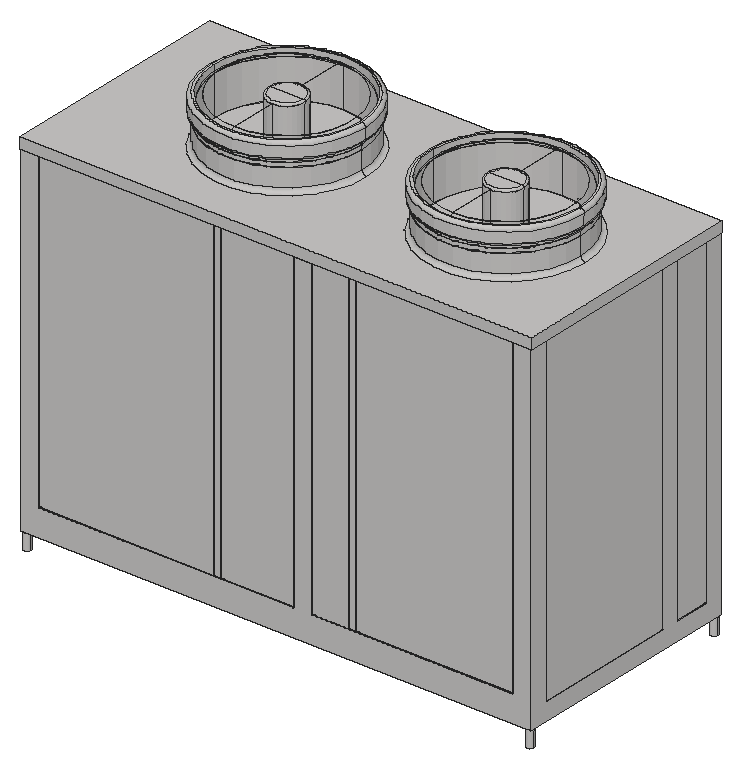
Revit family "QF_NuovAIR_CU-N780T3XL----", category Specialty Equipment, Revit 2019
Family settings
  Round Connector Dimension = Use Diameter
  Part Type = Normal
  Work Plane-Based = No
  Always vertical = Yes
  Cut with Voids When Loaded = No
  Shared = No
  Room Calculation Point = No
Parameters (values of type "CU-N780T3XL_400V 50A")
  Weight = 1216.00 kg
  Volts = 400 V
  Volt Free Conn = no
  URL Manufacturer = "https://www.nuovair.com/"
  URL Cutsheet = "N780T3XL-en-1.pdf"
  URL = ""
  Show Logo [instance] = yes
  Show Clearance [instance] = no
  Refrigeration Suction Line Size = 54 mm
  Refrigeration Liquid Line Size = 28 mm
  Refrigeration Energy Efficiency Index = ""
  Refrigeration Climate Class = ""
  Refrigerant Type = "R452a"
  Refrigerant Compressor Remote = yes
  Potential Equalisation = yes
  Phase = 3
  Number of Poles = 3
  Model = "CU-N780T3XL"
  Mat_Legs = QF_Stainless-Brushed
  Mat_Clearance = QF_Clearance
  Mat_Case = QF_Stainless-Brushed
  Masterspec = ""
  Manufacturer = "NUOVAIR"
  Main switch integrated = no
  Length Actual = 2800 mm  # constant formula
  Legs_R = 20 mm  # constant formula
  Keynote = "0"
  Item Number = "CU-N780T3XL"
  Identify Quantity as Lot = no
  Horse Power = "50"
  Height Actual = 2285 mm  # constant formula
  Foodservice Equipment Identifier = yes
  Energy Efficiency Labelling = ""
  FL Amps = 105 A
  Electric power = 55000000 W
  Elec Connection Height = 400 mm
  Ele_Note = ""
  Direct Waste Size = 0 mm
  Direct Waste Connection Height = 0 mm
  Description = "Condensing Unit"
  Description_FR = ""
  Description_ES = ""
  Description_EN = ""
  Description_DE = ""
  Depth Actual = 1300 mm  # constant formula
  Cycle = 50 Hz
  Conn Plug = "terminal block"
  CE Approved = yes
  Author = ""
  Accessory = no
Types (3, lengths in mm): name | Volts | FL Amps | Cycle
  CU-N780T3XL_400V 50A | 400 V | 105 A | 50 Hz
  CU-N780T3XL_440V 60A | 440 V | 115 A | 60 Hz
  CU-N780T3XL_230V 60A | 230 V | 219 A | 60 Hz
Reference planes
  plane 1 "Center (Front/Back)": y = 0
  plane 2: z = 0
  plane 3 "Center (Left/Right)": x = 0
  plane 4 "SX": x = -1400
  plane 5 "DX": x = 1400
  plane 6: y = -1300
  plane 7: y = -2100
  plane 8 "top": z = 2285
  plane 9: y = 800
  plane 10: x = 1900
  plane 11: x = -1900
  plane 12 "Base": z = 90
  plane 13: z = 1965
  plane 14: x = -1380
  plane 15: x = 1380
  plane 16: y = -20
  plane 17: y = -1280
  plane 18: z = 2025
  plane 19: z = 190
  plane 20: y = -100
  plane 21: y = -1200
  plane 22: x = -1300
  plane 23: x = 100
  plane 24: x = 200
  plane 25: x = 1300
  plane 26: z = 240
  plane 27: x = -300
  plane 28: x = 400
  plane 29: y = -300
  plane 30: y = -400
  plane 31: x = -340
  plane 32: x = 440
  plane 33 "Ventilator_Y": y = -650
  plane 34 "Ventilator_X_01": x = -460
  plane 35 "Ventilator_X_02": x = 740
Forms (mm)
  Extrusion 1, solid, material "QF_Clearance" <- "Mat_Clearance", visible <- "Show Clearance"
    sketch origin (0, 0, 0) x (1, 0, 0) y (0, 1, 0)
      loop
        line (-1400, 800) -> (-1400, -2100) -> (1400, -2100) -> (1400, 800) -> (-1400, 800)
    from 0 to 2285
  Extrusion 2, solid, material "QF_Clearance" <- "Mat_Clearance", visible <- "Show Clearance"
    sketch origin (0, 0, 0) x (1, 0, 0) y (0, 1, 0)
      loop
        line (-1400, 0) -> (-1400, -1300) -> (1400, -1300) -> (1400, 0) -> (-1400, 0)
    from 0 to 2285
  Extrusion 3, solid, material "QF_Stainless-Brushed" <- "Mat_Case", detail levels medium+fine
    sketch origin (0, 0, 90) x (-1, 0, 0) y (0, -1, 0)
      loop
        line (1400, 0) -> (1400, 1300) -> (-1400, 1300) -> (-1400, 0) -> (1400, 0)
    from 0 to 1875
  Extrusion 4, solid, material "QF_Clearance", visible <- "Show Clearance"
    sketch origin (0, 0, 0) x (1, 0, 0) y (0, 1, 0)
      loop
        line (-1900, -1300) -> (1900, -1300) -> (1900, 0) -> (-1900, 0) -> (-1900, -1300)
    from 0 to 2285
  Extrusion 5, solid, material "QF_Stainless-Brushed" <- "Mat_Legs", detail levels medium+fine
    sketch origin (0, 0, 0) x (1, 0, 0) y (0, 1, 0)
      loop
        circle (-1380, -20) r 20
      loop
        circle (1380, -20) r 20
      loop
        circle (-1380, -1280) r 20
      loop
        circle (1380, -1280) r 20
    from 0 to 90
  Extrusion 6, solid, material "QF_Stainless-Brushed" <- "Mat_Case", detail levels medium+fine
    sketch origin (-1430.553, -1524, 1965) x (-1, 0, 0) y (0, -1, 0)
      loop
        line (-28.553, -1526) -> (-28.553, -222) -> (-2832.553, -222) -> (-2832.553, -1526) -> (-28.553, -1526)
    from 0 to 60
  Sweep 7, void
    path origin (-909.885, -1300, 4000) x (-1, 0, 0) y (0, 0, 1)
      loop
        line (390.115, -2035) -> (390.115, -3760) -> (-1009.885, -3760) -> (-1009.885, -2035)
    profile "PRF_scalpel : PRF_scalpel" origin (-1300, -1300, 1102.5) x (-1, 0, 0) y (0, 1, 0)
      loop
        line (0, 1) -> (-2, -1) -> (-2, -51) -> (2, -51) -> (2, -1) -> (0, 1)
  Sweep 8, void
    path origin (950.115, -1300, 4000) x (-1, 0, 0) y (0, 0, 1)
      loop
        line (-349.885, -2035) -> (-349.885, -3760) -> (750.115, -3760) -> (750.115, -2035)
    profile "PRF_scalpel : PRF_scalpel" origin (1300, -1300, 1102.5) x (-1, 0, 0) y (0, 1, 0)
      loop
        line (0, 1) -> (-2, -1) -> (-2, -51) -> (2, -51) -> (2, -1) -> (0, 1)
  Sweep 9, void
    path origin (0, 0, 0) x (1, 0, 0) y (0, 0, 1)
      loop
        line (1300, 1965) -> (1300, 240) -> (200, 240) -> (200, 1965)
    profile "PRF_scalpel : PRF_scalpel" origin (1300, 0, 1102.5) x (1, 0, 0) y (0, -1, 0)
      loop
        line (0, 1) -> (-2, -1) -> (-2, -51) -> (2, -51) -> (2, -1) -> (0, 1)
  Sweep 10, void
    path origin (-1860, 0, 0) x (1, 0, 0) y (0, 0, 1)
      loop
        line (560, 1965) -> (560, 240) -> (1960, 240) -> (1960, 1965)
    profile "PRF_scalpel : PRF_scalpel" origin (-1300, 0, 1102.5) x (1, 0, 0) y (0, -1, 0)
      loop
        line (0, 1) -> (-2, -1) -> (-2, -51) -> (2, -51) -> (2, -1) -> (0, 1)
  Sweep 11, void
    path origin (-1400, 180.447, 4000) x (0, 1, 0) y (0, 0, 1)
      loop
        line (-280.447, -2035) -> (-280.447, -3810) -> (-480.447, -3810) -> (-480.447, -2035)
    profile "PRF_scalpel : PRF_scalpel" origin (-1400, -100, 1077.5) x (0, 1, 0) y (1, 0, 0)
      loop
        line (0, 1) -> (-2, -1) -> (-2, -51) -> (2, -51) -> (2, -1) -> (0, 1)
  Sweep 12, void
    path origin (-1400, -279.553, 4000) x (0, 1, 0) y (0, 0, 1)
      loop
        line (-920.447, -2035) -> (-920.447, -3810) -> (-120.447, -3810) -> (-120.447, -2035)
    profile "PRF_scalpel : PRF_scalpel" origin (-1400, -1200, 1077.5) x (0, 1, 0) y (1, 0, 0)
      loop
        line (0, 1) -> (-2, -1) -> (-2, -51) -> (2, -51) -> (2, -1) -> (0, 1)
  Sweep 13, void
    path origin (1400, 180.447, 4000) x (0, 1, 0) y (0, 0, 1)
      loop
        line (-1380.447, -2035) -> (-1380.447, -3810) -> (-580.447, -3810) -> (-580.447, -2035)
    profile "PRF_scalpel : PRF_scalpel" origin (1400, -1200, 1077.5) x (0, 1, 0) y (1, 0, 0)
      loop
        line (0, -1) -> (2, 1) -> (2, 51) -> (-2, 51) -> (-2, 1) -> (0, -1)
  Sweep 14, void
    path origin (1400, 640.447, 4000) x (0, 1, 0) y (0, 0, 1)
      loop
        line (-740.447, -2035) -> (-740.447, -3810) -> (-940.447, -3810) -> (-940.447, -2035)
    profile "PRF_scalpel : PRF_scalpel" origin (1400, -300, 1077.5) x (0, 1, 0) y (1, 0, 0)
      loop
        line (0, -1) -> (2, 1) -> (2, 51) -> (-2, 51) -> (-2, 1) -> (0, -1)
  Sweep 15, void
    path origin (-909.885, -1300, 4000) x (-1, 0, 0) y (0, 0, 1)
      loop
        line (-569.885, -2035) -> (-569.885, -3760)
    profile "PRF_scalpel : PRF_scalpel" origin (-340, -1300, 1102.5) x (-1, 0, 0) y (0, 1, 0)
      loop
        line (0, 1) -> (-2, -1) -> (-2, -51) -> (2, -51) -> (2, -1) -> (0, 1)
  Sweep 16, void
    path origin (-794.885, -1300, 4000) x (-1, 0, 0) y (0, 0, 1)
      loop
        line (-494.885, -2035) -> (-494.885, -3760)
    profile "PRF_scalpel : PRF_scalpel" origin (-300, -1300, 1102.5) x (-1, 0, 0) y (0, 1, 0)
      loop
        line (0, 1) -> (-2, -1) -> (-2, -51) -> (2, -51) -> (2, -1) -> (0, 1)
  Sweep 17, void
    path origin (-674.885, -1300, 4000) x (-1, 0, 0) y (0, 0, 1)
      loop
        line (-1114.885, -2035) -> (-1114.885, -3760)
    profile "PRF_scalpel : PRF_scalpel" origin (440, -1300, 1102.5) x (-1, 0, 0) y (0, 1, 0)
      loop
        line (0, 1) -> (-2, -1) -> (-2, -51) -> (2, -51) -> (2, -1) -> (0, 1)
  Sweep 18, void
    path origin (-769.885, -1300, 4000) x (-1, 0, 0) y (0, 0, 1)
      loop
        line (-1169.885, -2035) -> (-1169.885, -3760)
    profile "PRF_scalpel : PRF_scalpel" origin (400, -1300, 1102.5) x (-1, 0, 0) y (0, 1, 0)
      loop
        line (0, 1) -> (-2, -1) -> (-2, -51) -> (2, -51) -> (2, -1) -> (0, 1)
  Sweep 19, void
    path origin (0, 0, 0) x (1, 0, 0) y (0, 0, 1)
      loop
        line (440, 1965) -> (440, 240)
    profile "PRF_scalpel : PRF_scalpel" origin (440, 0, 1102.5) x (1, 0, 0) y (0, -1, 0)
      loop
        line (0, 1) -> (-2, -1) -> (-2, -51) -> (2, -51) -> (2, -1) -> (0, 1)
  Sweep 20, void
    path origin (500, 0, 0) x (1, 0, 0) y (0, 0, 1)
      loop
        line (-100, 1965) -> (-100, 240)
    profile "PRF_scalpel : PRF_scalpel" origin (400, 0, 1102.5) x (1, 0, 0) y (0, -1, 0)
      loop
        line (0, 1) -> (-2, -1) -> (-2, -51) -> (2, -51) -> (2, -1) -> (0, 1)
  Sweep 21, void
    path origin (600, 0, 0) x (1, 0, 0) y (0, 0, 1)
      loop
        line (-900, 1965) -> (-900, 240)
    profile "PRF_scalpel : PRF_scalpel" origin (-300, 0, 1102.5) x (1, 0, 0) y (0, -1, 0)
      loop
        line (0, 1) -> (-2, -1) -> (-2, -51) -> (2, -51) -> (2, -1) -> (0, 1)
  Sweep 22, void
    path origin (660, 0, 0) x (1, 0, 0) y (0, 0, 1)
      loop
        line (-1000, 1965) -> (-1000, 240)
    profile "PRF_scalpel : PRF_scalpel" origin (-340, 0, 1102.5) x (1, 0, 0) y (0, -1, 0)
      loop
        line (0, 1) -> (-2, -1) -> (-2, -51) -> (2, -51) -> (2, -1) -> (0, 1)
Cuts and joins
  joined: Extrusion 1, Extrusion 2
  Sweep 7, Sweep 8, Sweep 9, Sweep 10, Sweep 11, Sweep 12, Sweep 13, Sweep 14, Sweep 15, Sweep 16, Sweep 17, Sweep 18, Sweep 19, Sweep 20, Sweep 21, Sweep 22 cuts Extrusion 3
Lines and regions (mm)
  model lines, style "InvisibleLines"
    curve 1: line (-50, 0, 0) -> (50, 0, 0)
    curve 2: line (0, 50, 0) -> (0, -50, 0)
  model lines, style "QF_Case", detail levels coarse
    curve 3: line (-1400, 0, 0) -> (1400, 0, 0)
    curve 4: line (-1400, -1300, 0) -> (-1400, 0, 0)
    curve 5: line (1400, -1300, 0) -> (-1400, -1300, 0)
    curve 6: line (1400, 0, 0) -> (1400, -1300, 0)
    curve 7: line (1400, -1300, 2285) -> (1400, -1300, 0)
    curve 8: line (1400, 0, 2285) -> (1400, 0, 0)
    curve 9: line (-1400, -1300, 2285) -> (-1400, -1300, 0)
    curve 10: line (-1400, 0, 2285) -> (-1400, 0, 0)
    curve 11: line (-1400, 0, 2285) -> (1400, 0, 2285)
    curve 12: line (-1400, -1300, 2285) -> (-1400, 0, 2285)
    curve 13: line (1400, -1300, 2285) -> (-1400, -1300, 2285)
    curve 14: line (1400, 0, 2285) -> (1400, -1300, 2285)
Dimensions and locks
  curve 1 to plane 3 "Center (Left/Right)" to curve 1 = 50 mm locked, 50 mm locked
  curve 2 to plane 1 "Center (Front/Back)" to curve 2 = 50 mm locked, 50 mm locked
  "Height Actual": plane 8 "top" to level
  "Depth Actual": plane 6 to plane 1 "Center (Front/Back)"
  equal spacing: plane 4 "SX", plane 3 "Center (Left/Right)", plane 5 "DX"
  "Length Actual": plane 4 "SX" to plane 5 "DX"
  plane 6 to plane 1 "Center (Front/Back)" = 1300 mm
  locked: plane 1 "Center (Front/Back)" to plane 9 at 800
  locked: plane 6 to plane 7 at 800
  locked: plane 5 "DX" to plane 10 at 500
  locked: plane 11 to plane 4 "SX" at 500
  locked: plane 12 "Base" to Extrusion 4 at 90
  locked: plane 4 "SX" to plane 14 at 20
  locked: plane 15 to plane 5 "DX" at 20
  locked: plane 16 to plane 1 "Center (Front/Back)" at 20
  locked: Extrusion 6 sketch curve to plane 4 "SX" at 2
  locked: plane 5 "DX" to Extrusion 6 sketch curve at 2
  locked: plane 1 "Center (Front/Back)" to Extrusion 6 sketch curve at 2
  locked: plane 17 to plane 6 at 20
  locked: plane 6 to Extrusion 6 sketch curve at 2
  locked: plane 19 to plane 12 "Base" at 100
  locked: plane 20 to plane 1 "Center (Front/Back)" at 100
  locked: plane 21 to plane 6 at 100
  locked: plane 4 "SX" to plane 22 at 100
  locked: plane 25 to plane 5 "DX" at 100
  locked: plane 26 to plane 19 at 50
  locked: plane 20 to plane 29 at 200
  locked: plane 29 to plane 30 at 100
  locked: plane 13 to plane 12 "Base" at 1875
  locked: plane 18 to plane 13 at 60
  locked: plane 24 to plane 5 "DX" at 1200
  locked: plane 4 "SX" to plane 23 at 1500
  locked: plane 27 to plane 23 at 400
  locked: plane 31 to plane 27 at 40
  locked: plane 24 to plane 28 at 200
  locked: plane 28 to plane 32 at 40
  equal spacing: plane 6, plane 33 "Ventilator_Y", plane 1 "Center (Front/Back)", locked at 650 each
  locked: plane 4 "SX" to plane 34 "Ventilator_X_01" at 940
  locked: plane 35 "Ventilator_X_02" to plane 5 "DX" at 660
  "Legs_R": radius of Extrusion 5 sketch curve  (x4)
  aligned and locked: level to plane 2
  aligned and locked: Extrusion 1 sketch curve to plane 4 "SX"
  aligned and locked: plane 7 to Extrusion 1 sketch curve
  aligned and locked: Extrusion 1 sketch curve to plane 5 "DX"
  aligned and locked: plane 8 "top" to Extrusion 1
  aligned and locked: curve 3 to plane 1 "Center (Front/Back)"
  aligned and locked: curve 5 to plane 6
  aligned and locked: curve 6 to plane 5 "DX"
  aligned and locked: plane 4 "SX" to curve 4
  aligned and locked: plane 8 "top" to curve 8
  aligned and locked: plane 8 "top" to curve 7
  aligned and locked: plane 8 "top" to curve 10
  aligned and locked: plane 8 "top" to curve 9
  aligned and locked: level to curve 8
  aligned and locked: level to curve 7
  aligned and locked: level to curve 10
  aligned and locked: level to curve 9
  aligned and locked: curve 8 to plane 1 "Center (Front/Back)"
  aligned and locked: curve 10 to plane 1 "Center (Front/Back)"
  aligned and locked: plane 6 to curve 7
  aligned and locked: plane 6 to curve 9
  aligned and locked: Extrusion 2 sketch curve to plane 1 "Center (Front/Back)"
  aligned and locked: Extrusion 2 sketch curve to plane 6
  aligned and locked: plane 8 "top" to Extrusion 2
  aligned and locked: curve 11 to plane 1 "Center (Front/Back)"
  aligned and locked: curve 13 to plane 6
  aligned and locked: Extrusion 3 sketch curve to plane 1 "Center (Front/Back)"
  aligned and locked: Extrusion 3 sketch curve to plane 5 "DX"
  aligned and locked: plane 4 "SX" to Extrusion 3 sketch curve
  aligned and locked: Extrusion 1 sketch curve to plane 9
  aligned and locked: Extrusion 4 sketch curve to plane 11
  aligned and locked: plane 10 to Extrusion 4 sketch curve
  aligned and locked: Extrusion 4 sketch curve to plane 6
  aligned and locked: Extrusion 4 sketch curve to plane 1 "Center (Front/Back)"
  aligned and locked: Extrusion 4 to plane 8 "top"
  aligned and locked: Extrusion 4 to level
  aligned and locked: Extrusion 3 to plane 12 "Base"
  aligned and locked: plane 13 to Extrusion 3
  aligned and locked: plane 14 to Extrusion 5 sketch curve  (x2)
  aligned and locked: plane 15 to Extrusion 5 sketch curve  (x2)
  aligned and locked: plane 17 to Extrusion 5 sketch curve  (x2)
  aligned and locked: plane 16 to Extrusion 5 sketch curve  (x2)
  aligned and locked: Extrusion 5 to level
  aligned and locked: Extrusion 6 to plane 13
  aligned and locked: Extrusion 3 sketch curve to plane 6
  aligned and locked: plane 18 to Extrusion 6
  aligned and locked: plane 13 to Sweep 7 sketch curve  (x2)
  aligned and locked: Sweep 7 sketch curve to plane 22
  aligned and locked: plane 13 to Sweep 8 sketch curve  (x2)
  aligned and locked: Sweep 8 sketch curve to plane 25
  aligned and locked: plane 13 to Sweep 9 sketch curve  (x2)
  aligned and locked: plane 25 to Sweep 9 sketch curve
  aligned and locked: plane 13 to Sweep 10 sketch curve  (x2)
  aligned and locked: plane 22 to Sweep 10 sketch curve
  aligned and locked: plane 13 to Sweep 11 sketch curve  (x2)
  aligned and locked: plane 19 to Sweep 11 sketch curve  (x2)
  aligned and locked: plane 20 to Sweep 11 sketch curve
  aligned and locked: plane 13 to Sweep 12 sketch curve  (x2)
  aligned and locked: plane 19 to Sweep 12 sketch curve
  aligned and locked: plane 21 to Sweep 12 sketch curve
  aligned and locked: plane 13 to Sweep 13 sketch curve  (x2)
  aligned and locked: plane 19 to Sweep 13 sketch curve
  aligned and locked: Sweep 13 sketch curve to plane 21
  aligned and locked: plane 13 to Sweep 14 sketch curve  (x2)
  aligned and locked: plane 19 to Sweep 14 sketch curve
  aligned and locked: Sweep 14 sketch curve to plane 20
  aligned and locked: plane 12 "Base" to Extrusion 5
  aligned and locked: plane 26 to Sweep 7 sketch curve
  aligned and locked: plane 23 to Sweep 7 sketch curve
  aligned and locked: Sweep 8 sketch curve to plane 24
  aligned and locked: Sweep 8 sketch curve to plane 26
  aligned and locked: plane 24 to Sweep 9 sketch curve
  aligned and locked: plane 26 to Sweep 9 sketch curve
  aligned and locked: plane 23 to Sweep 10 sketch curve
  aligned and locked: Sweep 10 sketch curve to plane 26
  aligned and locked: plane 30 to Sweep 13 sketch curve
  aligned and locked: Sweep 13 sketch curve to plane 19
  aligned and locked: Sweep 14 sketch curve to plane 29
  aligned and locked: Sweep 14 sketch curve to plane 19
  aligned and locked: plane 29 to Sweep 11 sketch curve
  aligned and locked: plane 30 to Sweep 12 sketch curve
  aligned and locked: Sweep 12 sketch curve to plane 19
  aligned and locked: plane 1 "Center (Front/Back)" to nested 1
  aligned and locked: plane 1 "Center (Front/Back)" to nested 2
  aligned and locked: nested 3 to plane 1 "Center (Front/Back)"
  aligned and locked: nested 3 to plane 4 "SX"
  aligned and locked: plane 5 "DX" to nested 2
  aligned and locked: plane 5 "DX" to nested 1
  aligned and locked: plane 33 "Ventilator_Y" to nested 5
  aligned and locked: nested 5 to plane 35 "Ventilator_X_02"
  aligned and locked: plane 33 "Ventilator_Y" to nested 4
  aligned and locked: nested 4 to plane 34 "Ventilator_X_01"
  aligned and locked: plane 13 to Sweep 15 sketch curve
  aligned and locked: plane 26 to Sweep 15 sketch curve
  aligned and locked: Sweep 15 sketch curve to plane 31
  aligned and locked: plane 13 to Sweep 16 sketch curve
  aligned and locked: plane 26 to Sweep 16 sketch curve
  aligned and locked: Sweep 16 sketch curve to plane 27
  aligned and locked: plane 13 to Sweep 17 sketch curve
  aligned and locked: plane 26 to Sweep 17 sketch curve
  aligned and locked: Sweep 17 sketch curve to plane 32
  aligned and locked: plane 13 to Sweep 18 sketch curve
  aligned and locked: plane 26 to Sweep 18 sketch curve
  aligned and locked: Sweep 18 sketch curve to plane 28
  aligned and locked: plane 13 to Sweep 19 sketch curve
  aligned and locked: plane 26 to Sweep 19 sketch curve
  aligned and locked: plane 32 to Sweep 19 sketch curve
  aligned and locked: plane 13 to Sweep 20 sketch curve
  aligned and locked: plane 26 to Sweep 20 sketch curve
  aligned and locked: plane 28 to Sweep 20 sketch curve
  aligned and locked: plane 13 to Sweep 21 sketch curve
  aligned and locked: plane 26 to Sweep 21 sketch curve
  aligned and locked: plane 27 to Sweep 21 sketch curve
  aligned and locked: plane 13 to Sweep 22 sketch curve
  aligned and locked: plane 26 to Sweep 22 sketch curve
  aligned and locked: plane 31 to Sweep 22 sketch curve
Automatic sketch dimensions
  curve 2 to plane 3 "Center (Left/Right)" = 0 mm
  plane 1 "Center (Front/Back)" to curve 1 = 0 mm
  curve 11 to plane 5 "DX" = 0 mm
  curve 13 to plane 4 "SX" = 0 mm
  Extrusion 2 sketch curve to plane 4 "SX" = 0 mm
  Extrusion 2 sketch curve to plane 5 "DX" = 0 mm
Nested families
  nested 1: "Connection_DxSx" at (1400, 0, 1160), type "KTM", not visible
    with Width_DX 0 mm, Width Offset 0 mm, Depth Offset 350 mm, DX no
  nested 2: "Connection_DxSx" at (1400, 0, 320), type "KTM", not visible
    with Width_DX 0 mm, Width Offset 0 mm, Depth Offset 350 mm, DX no
  nested 3: "Connection_DxSx" at (-1400, 0, 400) x (0, -1, 0) z (0, 0, 1), built-in parameter 1001364 <- "Elec Connection Height", type "KTM", not visible
    with Width_DX 120 mm, Width Offset 60 mm, Depth Offset 0 mm, DX yes
  nested 4: "Ventilator_C" at (-460, -650, 2025) x (-1, 0, 0) z (0, 0, 1), Mat_A <- "Mat_Case", Mat_B <- "Mat_Case", type "Ventilator_C", detail levels medium+fine
    with Mat_C QF_Cross20x20, Mat_B QF_Stainless-Brushed, Mat_A QF_Stainless-Brushed
  nested 5: "Ventilator_C" at (740, -650, 2025) x (-1, 0, 0) z (0, 0, 1), Mat_A <- "Mat_Case", Mat_B <- "Mat_Case", type "Ventilator_C", detail levels medium+fine
    with Mat_C QF_Cross20x20, Mat_B QF_Stainless-Brushed, Mat_A QF_Stainless-Brushed
Connectors
  piping at (1400.5, -350, 1160), diameter 54, driven by "Refrigeration Suction Line Size"
    settings: on nested 1, index 3, connector inside diameter 609.6 mm, connector length 0 mm, flow factor 0, pipe flow 0.0 L/s, pressure drop 0.0 Pa, fitting loss kfactor 0, connector angle 0.00°, fixture units 0, engagement length 0 mm, angle of deflection 0.00°, flow configuration 0, flow direction 1, fitting loss method 0, system type 22, joint type 0, gender type 0, connector reference index -1, connector utility 0, adjustable connector no, is connector primary yes, connector description "Suction Line"
  piping at (1400.5, -350, 320), diameter 28, driven by "Refrigeration Liquid Line Size"
    settings: on nested 2, index 4, connector inside diameter 609.6 mm, connector length 0 mm, flow factor 0, pipe flow 0.0 L/s, pressure drop 0.0 Pa, fitting loss kfactor 0, connector angle 0.00°, fixture units 0, engagement length 0 mm, angle of deflection 0.00°, flow configuration 0, flow direction 2, fitting loss method 0, system type 22, joint type 0, gender type 0, connector reference index -1, connector utility 0, adjustable connector no, is connector primary no, connector description "Liquid Line"
  electrical at (-1400.5, -60, 400), driven by "Number of Poles", driven by "Volts", driven by "Electric power", driven by "Ele_Note"
    settings: on nested 3, index 6, voltage 400 V, apparent load 55000000 VA, apparent load phase1 0 VA, apparent load phase2 0 VA, apparent load phase3 0 VA, power factor 1, load classification "Power", number of poles 3, system type 30, power factor state 1, is connector primary yes, connector utility no, sub classification motor no, connector description ""
Definition of nested family "Connection_DxSx"
  Parameters (values of type "KTM")
    Width_DX [instance] = if(DX, Width Offset * 2, 0 mm)  # 120 mm
    Width Offset [instance] = 60 mm
    Manufacturer = "Gjiom by www.RevitLandia.com"  # constant formula
    Depth Offset [instance] = 50 mm
    Default Elevation = 0 mm
    DX [instance] = yes
  Reference planes
    plane 1 "Center (Front/Back)": y = 0
    plane 2: z = 0
    plane 3 "Center (Left/Right)": x = 0
    plane 4 "Depth Offset": y = -50
    plane 5: x = 60
    plane 6: x = -60
  Forms (mm)
    Extrusion 1, solid
      sketch origin (0, 0, 0) x (1, 0, 0) y (0, 1, 0)
        loop
          circle (60, -50) r 15
      from -0.5 to 0.5
    Extrusion 2, solid
      sketch origin (0, -50, 0) x (-1, 0, 0) y (0, 0, 1)
        loop
          circle (-60, 0) r 15
      from -0.5 to 0.5
    Extrusion 3, solid
      sketch origin (60, 93.537, 4000) x (0, 1, 0) y (0, 0, 1)
        loop
          circle (-143.537, -4000) r 15
      from -0.5 to 0.5
  Lines and regions (mm)
    model lines
      curve 1: line (0, 0, 0) -> (0, -20, 0)
  Dimensions and locks
    "Depth Offset": plane 1 "Center (Front/Back)" to plane 4 "Depth Offset"
    "Width Offset": plane 6 to plane 3 "Center (Left/Right)"
    "Width_DX": plane 6 to plane 5
    aligned and locked: level to plane 2
    aligned and locked: plane 4 "Depth Offset" to Extrusion 1 sketch curve
    aligned and locked: level to Extrusion 2 sketch curve
    aligned and locked: level to Extrusion 3 sketch curve
    aligned and locked: plane 4 "Depth Offset" to Extrusion 3 sketch curve
    aligned and locked: plane 5 to Extrusion 1 sketch curve
    aligned and locked: plane 5 to Extrusion 2 sketch curve
  Automatic sketch dimensions
    curve 1 to plane 3 "Center (Left/Right)" = 0 mm
    plane 1 "Center (Front/Back)" to curve 1 = 0 mm
    plane 1 "Center (Front/Back)" to curve 1 = 20 mm
    radius of Extrusion 1 sketch curve = 15 mm
    radius of Extrusion 2 sketch curve = 15 mm
    radius of Extrusion 3 sketch curve = 15 mm
Definition of nested family "Ventilator_C"
  Parameters (values of type "Ventilator_C")
    Mat_C [instance] = none
    Mat_A [instance] = none
    Default Elevation = 1219.2 mm
    Mat_B [instance] = none
  Reference planes
    plane 1 "Centro (Fronte/Retro)": y = 0
    plane 2: z = 0
    plane 3 "Centro (Sinistra/Destra)": x = 0
    plane 4: z = 205
    plane 5: z = 250
    plane 6: z = 260
    plane 7: z = 25
    plane 8: z = 125
    plane 9: z = 124
    plane 10: z = 126
    plane 11: z = 150
    plane 12: z = 149
    plane 13: z = 151
    plane 14: z = 175
  Forms (mm)
    Revolve 1, solid, material <- "Mat_B"
      sketch origin (0, 0, 0) x (1, 0, 0) y (0, 0, 1)
        loop
          arc (-90, 260) -> (-97.071, 257.071) -> (-100, 250) r 10
          line (-100, 250) -> (-100, 0) -> (0, 0) -> (0, 260) -> (-90, 260)
        axis (0, 260) -> (0, 0)
      angle from 0 to 360
    Revolve 2, solid, material <- "Mat_C"
      sketch origin (0, 0, 0) x (0, 1, 0) y (0, 0, 1)
        loop
          arc (-360, 250) -> (-381.213, 241.213) -> (-390, 220) r 30
          line (-390, 220) -> (-390, 0) -> (-100, 0) -> (-100, 250) -> (-360, 250)
        axis (0, 0) -> (0, 250)
      angle from 0 to 360
    Revolve 3, solid, material <- "Mat_A"
      sketch origin (0, 0, 0) x (1, 0, 0) y (0, 0, 1)
        loop
          arc (-410, 260) -> (-424.142, 254.142) -> (-430, 240) r 20
          line (-430, 240) -> (-430, 180)
          arc (-430, 180) -> (-428.536, 176.464) -> (-425, 175) r 5
          line (-425, 175) -> (-410, 175) -> (-410, 151) -> (-409, 150) -> (-410, 149) -> (-410, 126) -> (-409, 125) -> (-410, 124) -> (-410, 25)
          arc (-410, 25) -> (-417.322, 7.322) -> (-435, 0) r 25
          line (-435, 0) -> (-400, 0) -> (-400, 260) -> (-410, 260)
        axis (0, 260) -> (0, 0)
      angle from 0 to 360
  Dimensions and locks
    locked: plane 5 to level at 250
    locked: plane 6 to level at 260
    locked: plane 3 "Centro (Sinistra/Destra)" to Revolve 1 sketch curve at 100
    Revolve 2 sketch curve to plane 1 "Centro (Fronte/Retro)" = 100 mm
    locked: plane 7 to level at 25
    plane 3 "Centro (Sinistra/Destra)" to Revolve 3 sketch curve = 400 mm
    locked: plane 3 "Centro (Sinistra/Destra)" to Revolve 3 sketch curve at 435
    locked: Revolve 2 sketch curve to plane 1 "Centro (Fronte/Retro)" at 390
    locked: plane 3 "Centro (Sinistra/Destra)" to Revolve 3 sketch curve at 410
    plane 14 to plane 11 to plane 8 to plane 7 = 25 mm locked, 25 mm locked, 100 mm locked
    locked: plane 3 "Centro (Sinistra/Destra)" to Revolve 3 sketch curve at 430
    aligned and locked: level to plane 2
    aligned and locked: Revolve 1 sketch curve to plane 3 "Centro (Sinistra/Destra)"  (x2)
    aligned and locked: Revolve 1 sketch curve to plane 6
    aligned and locked: level to Revolve 1 sketch curve
    aligned and locked: Revolve 2 sketch curve to plane 5
    aligned and locked: plane 2 to Revolve 2 sketch curve
    aligned and locked: Revolve 2 sketch curve to plane 1 "Centro (Fronte/Retro)"
    aligned and locked: level to Revolve 3 sketch curve
    aligned and locked: Revolve 3 sketch curve to plane 3 "Centro (Sinistra/Destra)"
    aligned and locked: plane 7 to Revolve 3 sketch curve
    aligned and locked: Revolve 3 sketch curve to plane 6
    aligned and locked: Revolve 3 sketch curve to plane 14
